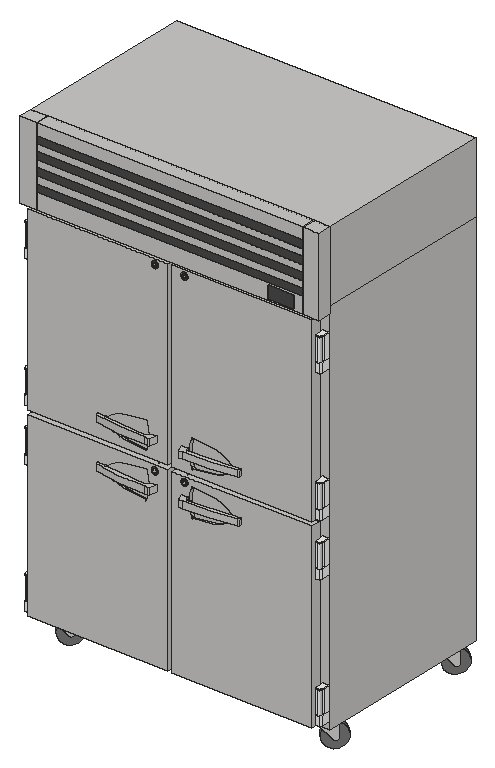
Revit family "QF_Turbo Air_PRO-50-4F", category Specialty Equipment, Revit 2014
Parameters
  Width = 4' - 3 3/4"  # constant formula
  Weight in Pounds = 496
  Watermarked By = ""
  Volts = 115 V
  URL Cutsheet = ""
  URL = "www.turboairinc.com"
  Status [instance] = ""
  Specification by User [instance] = ""
  Specification by Manufacturer [instance] = ""
  Serial Number [instance] = ""
  Revision Code [instance] = ""
  Phase = 1
  Overall Height [instance] = Box Height + CasterLeg Height  # 6' - 11"
  Number of Poles [instance] = 1
  NAFEM Spec ID Number [instance] = ""
  Model = "PRO-50-4F"
  Masterspec [instance] = ""
  Manufacturer = "Turbo Air"  # constant formula
  Door Height = 2' - 7 1/4"  # constant formula
  Description = "Freezer, Reach In"
  Assembly Code = "E1090320"
  6 inch Legs [instance] = no
  Item Number [instance] = "-"
  Installed By [instance] = ""
  HP = "1 1/4"
  Furnished By [instance] = ""
  Foodservice Equipment Identifier = yes
  FL Amps = 10.5 A
  Electrical Remarks [instance] = ""
  Electric Connection Type = ""
  Elec Conn RI Height [instance] = 0' - 0"
  Elec Conn Connection Height = 6' - 4 7/8"
  Cycle = 60 Hz
  Conn Plug = "NEMA 5-15P"
  Casters [instance] = not([6 inch Legs])  # yes
  CasterLeg Height [instance] = if(or([5 inch Casters], [6 inch Legs]), 0' 6", 0' 5")  # 0' - 5"
  CSI MasterFormat = "11 41 13"
  Box Height = 6' - 6"  # constant formula
  Apparent Power = if(Phase = 3, Volts * FL Amps * 1.73, Volts * FL Amps)  # 1207.5 VA
  5 inch Casters [instance] = no
Reference planes (in)
  plane 1 "BACK": y = 0
  plane 2: z = 0
  plane 3 "LEFT": x = -16.56573
  plane 4 "RIGHT": x = 35.18427
  plane 5 "FRONT": y = -33.875
  plane 6 "Box Front": y = -31.5
  plane 7 "Door Clearance": y = -57.75
  plane 8 "TOP": z = 83
  plane 9 "Box Bottom": z = 5
  plane 10 "Bottom Door Bottom": z = 5.875
  plane 11 "Top Door Top": z = 69.125
  plane 12 "Inside Left": x = -14.56573
  plane 13 "Inside Right": x = 33.18427
  plane 14 "Inside Back": y = -2
  plane 15 "Inside Front": y = -29.5
  plane 16 "Inside Top": z = 70.75
  plane 17 "Center LR": x = 9.30927
  plane 18 "Cowl Bottom": z = 69.5
  plane 19 "Left Door Left": x = -15.31573
  plane 20 "Left Door Right": x = 8.93427
  plane 21 "Right Door Left": x = 9.68427
  plane 22 "Right Door Right": x = 33.93427
  plane 23: z = 37.5
  plane 24 "Top Door Bottom": z = 37.875
  plane 25 "Bottom Door Top": z = 37.125
Forms (in)
  Extrusion 1, solid, material "QF_Stainless-Polished"
    sketch origin (0, 0, 5) x (0, 1, 0) y (-1, 0, 0)
      loop
        line (-31.5, 16.56573) -> (-31.5, 13.81573) -> (-29.5, 13.81573) -> (-29.5, 14.56573) -> (-2, 14.56573) -> (-2, -33.18427) -> (-29.5, -33.18427) -> (-29.5, -32.43427) -> (-31.5, -32.43427) -> (-31.5, -35.18427) -> (0, -35.18427) -> (0, 16.56573) -> (-31.5, 16.56573)
    from 0 to 65.75
  Extrusion 2, solid, material "QF_Stainless-Polished"
    sketch origin (-14.56573, 0, 0) x (0, 1, 0) y (0, 0, 1)
      loop
        line (-29.5, 7.75) -> (-29.5, 5) -> (-2, 5) -> (-2, 7.75) -> (-29.5, 7.75)
      loop
        line (-29.5, 70.75) -> (-29.5, 69.375) -> (-2, 69.375) -> (-2, 70.75) -> (-29.5, 70.75)
    from 0 to 47.75
  Extrusion 3, solid, material "QF_Stainless-Polished"
    sketch origin (-14.56573, 0, 0) x (0, 1, 0) y (0, 0, 1)
      loop
        line (-29.5, 5) -> (-29.5, 8.25) -> (-31.5, 8.25) -> (-31.5, 5) -> (-29.5, 5)
      loop
        line (-31.5, 70.75) -> (-31.5, 67) -> (-29.5, 67) -> (-29.5, 70.75) -> (-31.5, 70.75)
    from 0.75 to 47
  Extrusion 4, solid, material "QF_Stainless-Polished"
    sketch origin (0, 0, 83) x (0, 1, 0) y (-1, 0, 0)
      loop
        line (0, 16.56573) -> (-31.5, 16.56573) -> (-31.5, -35.18427) -> (0, -35.18427) -> (0, 16.56573)
    from 0 to -12.25
  Extrusion 5, solid, material "QF_Stainless-Polished"
    sketch origin (-14.56573, 0, 0) x (0, 1, 0) y (0, 0, 1)
      loop
        line (-2, 69.375) -> (-27.25, 69.375) -> (-25, 68.125) -> (-13.25, 68.125) -> (-3.25, 65.625) -> (-2, 65.625) -> (-2, 69.375)
    from 0 to 47.75
  Extrusion 6, solid, material "QF_Stainless-Polished"
    sketch origin (9.30927, 0, 0) x (0, 1, 0) y (0, 0, 1)
      loop
        line (-3.25, 65.625) -> (-3.25, 28.875) -> (-2, 28.875) -> (-2, 65.625) -> (-3.25, 65.625)
    from 0.25 to -0.25
  Extrusion 7, solid, material "QF_Plastic-Black-Fine Textured"
    sketch origin (0, -31.5, 0) x (1, 0, 0) y (0, 0, 1)
      loop
        line (-14.31573, 67.75) -> (-14.31573, 39.25) -> (7.93427, 39.25) -> (7.93427, 67.75) -> (-14.31573, 67.75)
      loop
        line (-14.31573, 7.25) -> (7.93427, 7.25) -> (7.93427, 35.75) -> (-14.31573, 35.75) -> (-14.31573, 7.25)
      loop
        line (32.93427, 7.25) -> (32.93427, 35.75) -> (10.68427, 35.75) -> (10.68427, 7.25) -> (32.93427, 7.25)
      loop
        line (32.93427, 67.75) -> (10.68427, 67.75) -> (10.68427, 39.25) -> (32.93427, 39.25) -> (32.93427, 67.75)
      loop
        line (-14.56573, 7) -> (8.18427, 7) -> (8.18427, 36) -> (-14.56573, 36) -> (-14.56573, 7)
      loop
        line (-14.56573, 68) -> (-14.56573, 39) -> (8.18427, 39) -> (8.18427, 68) -> (-14.56573, 68)
      loop
        line (33.18427, 68) -> (10.43427, 68) -> (10.43427, 39) -> (33.18427, 39) -> (33.18427, 68)
      loop
        line (33.18427, 7) -> (33.18427, 36) -> (10.43427, 36) -> (10.43427, 7) -> (33.18427, 7)
    from 0 to 0.625
  Extrusion 8, solid, material "QF_Stainless-Polished"
    sketch origin (0, -31.5, 0) x (1, 0, 0) y (0, 0, 1)
      loop
        line (-16.56573, 83) -> (-16.56573, 69.5) -> (-13.75323, 69.5) -> (-13.75323, 83) -> (-16.56573, 83)
      loop
        line (35.18427, 83) -> (32.37177, 83) -> (32.37177, 69.5) -> (35.18427, 69.5) -> (35.18427, 83)
    from 0 to 2.375
  Extrusion 9, solid, material "QF_Stainless-Polished"
    sketch origin (0, -31.5, 0) x (1, 0, 0) y (0, 0, 1)
      loop
        line (-13.75323, 83) -> (-13.75323, 81) -> (32.37177, 81) -> (32.37177, 83) -> (-13.75323, 83)
      loop
        line (-13.75323, 69.5) -> (32.37177, 69.5) -> (32.37177, 72.25) -> (-13.75323, 72.25) -> (-13.75323, 69.5)
      loop
        arc (30.87177, 71.75) -> (30.81686, 71.88258) -> (30.68427, 71.9375) r 0.1875
        line (30.68427, 71.9375) -> (26.55927, 71.9375)
        arc (26.55927, 71.9375) -> (26.42669, 71.88258) -> (26.37177, 71.75) r 0.1875
        line (26.37177, 71.75) -> (26.37177, 69.9375)
        arc (26.37177, 69.9375) -> (26.42669, 69.80492) -> (26.55927, 69.75) r 0.1875
        line (26.55927, 69.75) -> (30.68427, 69.75)
        arc (30.68427, 69.75) -> (30.81686, 69.80492) -> (30.87177, 69.9375) r 0.1875
        line (30.87177, 69.9375) -> (30.87177, 71.75)
    from 0 to 2.375
  Extrusion 10, solid, material "QF_Stainless-Polished"
    sketch origin (0, -31.5, 0) x (1, 0, 0) y (0, 0, 1)
      loop
        line (-13.75323, 79.6875) -> (-13.75323, 78.5625) -> (32.37177, 78.5625) -> (32.37177, 79.6875) -> (-13.75323, 79.6875)
      loop
        line (32.37177, 77.1875) -> (-13.75323, 77.1875) -> (-13.75323, 76.0625) -> (32.37177, 76.0625) -> (32.37177, 77.1875)
      loop
        line (32.37177, 74.6875) -> (-13.75323, 74.6875) -> (-13.75323, 73.5625) -> (32.37177, 73.5625) -> (32.37177, 74.6875)
    from 0 to 2.375
  Extrusion 11, solid, material "QF_Plastic-Black-Fine Textured"
    sketch origin (0, -31.5, 0) x (1, 0, 0) y (0, 0, 1)
      loop
        line (-13.75323, 81) -> (-13.75323, 79.6875) -> (32.37177, 79.6875) -> (32.37177, 81) -> (-13.75323, 81)
      loop
        line (-13.75323, 78.5625) -> (-13.75323, 77.1875) -> (32.37177, 77.1875) -> (32.37177, 78.5625) -> (-13.75323, 78.5625)
      loop
        line (-13.75323, 76.0625) -> (-13.75323, 74.6875) -> (32.37177, 74.6875) -> (32.37177, 76.0625) -> (-13.75323, 76.0625)
      loop
        line (-13.75323, 73.5625) -> (-13.75323, 72.25) -> (32.37177, 72.25) -> (32.37177, 73.5625) -> (-13.75323, 73.5625)
    from 0 to 2.375
  Extrusion 12, solid, material "QF_Plastic-Black-Fine Textured"
    sketch origin (0, -31.5, 0) x (1, 0, 0) y (0, 0, 1)
      loop
        arc (26.55927, 71.9375) -> (26.42669, 71.88258) -> (26.37177, 71.75) r 0.1875
        line (26.37177, 71.75) -> (26.37177, 69.9375)
        arc (26.37177, 69.9375) -> (26.42669, 69.80492) -> (26.55927, 69.75) r 0.1875
        line (26.55927, 69.75) -> (30.68427, 69.75)
        arc (30.68427, 69.75) -> (30.81686, 69.80492) -> (30.87177, 69.9375) r 0.1875
        line (30.87177, 69.9375) -> (30.87177, 71.75)
        arc (30.87177, 71.75) -> (30.81686, 71.88258) -> (30.68427, 71.9375) r 0.1875
        line (30.68427, 71.9375) -> (26.55927, 71.9375)
    from 0 to 2.375
  Extrusion 13, solid, material "QF_Clearance", detail levels coarse+medium
    sketch origin (0, 0, 5.875) x (0, 1, 0) y (-1, 0, 0)
      loop
        line (-33.875, 16.56573) -> (-57.75, 16.56573)
        arc (-57.75, 16.56573) -> (-51.23446, -1.26072) -> (-33.875, -8.93427) r 24.25
        line (-33.875, -8.93427) -> (-33.875, 16.56573)
    from 0 to 63.25
  Extrusion 14, solid, material "QF_Clearance", detail levels coarse+medium
    sketch origin (26.25, 0, 5.875) x (0, 1, 0) y (-1, 0, 0)
      loop
        arc (-33.875, 16.56573) -> (-51.23446, 8.89217) -> (-57.75, -8.93427) r 24.25
        line (-57.75, -8.93427) -> (-33.875, -8.93427) -> (-33.875, 16.56573)
    from 0 to 63.25
  Extrusion 15, solid, material "QF_Stainless-Polished"
    sketch origin (0, -31.5, 0) x (1, 0, 0) y (0, 0, 1)
      loop
        line (11.24677, 67) -> (7.37177, 67) -> (7.37177, 39.46875) -> (-13.81573, 39.46875) -> (-13.81573, 35.53125) -> (7.37177, 35.53125) -> (7.37177, 8.25) -> (11.24677, 8.25) -> (11.24677, 35.53125) -> (32.43427, 35.53125) -> (32.43427, 39.46875) -> (11.24677, 39.46875) -> (11.24677, 67)
    from 0 to -2
Lines and regions (in)
  symbolic lines
    curve 1: line (-16.56573, 0, 83) -> (35.18427, 0, 83)
    curve 2: line (-16.56573, -33.875, 83) -> (-16.56573, 0, 83)
    curve 3: line (35.18427, -33.875, 83) -> (-16.56573, -33.875, 83)
    curve 4: line (35.18427, 0, 83) -> (35.18427, -33.875, 83)
  symbolic lines, style "QF_Clearances_Door_Drawer"
    curve 5: line (-16.56573, -33.875, 5.875) -> (-16.56573, -57.75, 5.875)
    curve 6: arc (-16.56573, -57.75, 5.875) -> (1.26072, -51.23446, 5.875) -> (8.93427, -33.875, 5.875) r 24.25
    curve 7: arc (9.68427, -33.875, 5.875) -> (17.35783, -51.23446, 5.875) -> (35.18427, -57.75, 5.875) r 24.25
    curve 8: line (35.18427, -57.75, 5.875) -> (35.18427, -33.875, 5.875)
Dimensions and locks (in)
  "Width": plane 4 "RIGHT" to plane 3 "LEFT"
  plane 5 "FRONT" to plane 6 "Box Front" = 0' - 2 3/8"
  locked: plane 7 "Door Clearance" to plane 5 "FRONT" at 23.875
  "CasterLeg Height": plane 9 "Box Bottom" to level
  locked: plane 10 "Bottom Door Bottom" to plane 9 "Box Bottom" at 0.875
  "Box Height": plane 8 "TOP" to plane 9 "Box Bottom"
  locked: plane 8 "TOP" to plane 11 "Top Door Top" at 13.875
  locked: plane 3 "LEFT" to plane 12 "Inside Left" at 2
  locked: plane 13 "Inside Right" to plane 4 "RIGHT" at 2
  locked: plane 14 "Inside Back" to plane 1 "BACK" at 2
  plane 6 "Box Front" to plane 15 "Inside Front" = 0' - 2"
  locked: plane 12 "Inside Left" to Extrusion 1 sketch curve at 0.75
  locked: Extrusion 1 sketch curve to plane 13 "Inside Right" at 0.75
  locked: plane 8 "TOP" to plane 16 "Inside Top" at 12.25
  locked: plane 9 "Box Bottom" to Extrusion 2 sketch curve at 2.75
  locked: Extrusion 3 sketch curve to plane 9 "Box Bottom" at 3.25
  locked: plane 16 "Inside Top" to Extrusion 2 sketch curve at 1.375
  locked: Extrusion 3 sketch curve to plane 16 "Inside Top" at 3.75
  locked: plane 16 "Inside Top" to Extrusion 5 sketch curve at 1.375
  locked: Extrusion 5 sketch curve to Extrusion 5 sketch curve at 1.25
  locked: Extrusion 5 sketch curve to Extrusion 5 sketch curve at 11.75
  locked: Extrusion 5 sketch curve to plane 14 "Inside Back" at 25.25
  locked: Extrusion 5 sketch curve to plane 14 "Inside Back" at 1.25
  locked: Extrusion 5 sketch curve to plane 14 "Inside Back" at 11.25
  locked: Extrusion 5 sketch curve to Extrusion 5 sketch curve at 3.75
  equal spacing: plane 3 "LEFT", plane 17 "Center LR", plane 4 "RIGHT"
  locked: plane 16 "Inside Top" to Extrusion 6 sketch curve at 5.125
  locked: Extrusion 6 sketch curve to Extrusion 6 sketch curve at 36.75
  locked: Extrusion 6 sketch curve to plane 14 "Inside Back" at 1.25
  locked: Extrusion 7 sketch curve to Extrusion 7 sketch curve at 0.25  (x16)
  locked: Extrusion 7 sketch curve to plane 3 "LEFT" at 2
  locked: Extrusion 7 sketch curve to plane 4 "RIGHT" at 2
  locked: plane 11 "Top Door Top" to Extrusion 7 sketch curve at 1.125  (x2)
  locked: Extrusion 7 sketch curve to plane 10 "Bottom Door Bottom" at 1.125  (x2)
  locked: plane 18 "Cowl Bottom" to plane 11 "Top Door Top" at 0.375
  locked: plane 3 "LEFT" to nested 1 at 3
  locked: nested 1 to plane 1 "BACK" at 2.5
  locked: plane 3 "LEFT" to nested 2 at 3
  locked: plane 6 "Box Front" to nested 2 at 2.8125
  locked: nested 3 to plane 4 "RIGHT" at 3
  locked: nested 3 to plane 1 "BACK" at 2.5
  locked: nested 4 to plane 4 "RIGHT" at 3
  locked: plane 6 "Box Front" to nested 4 at 2.8125
  locked: plane 3 "LEFT" to Extrusion 8 sketch curve at 2.8125
  locked: Extrusion 8 sketch curve to plane 4 "RIGHT" at 2.8125
  locked: Extrusion 9 sketch curve to plane 3 "LEFT" at 2.8125  (x2)
  locked: plane 8 "TOP" to Extrusion 9 sketch curve at 2
  locked: Extrusion 9 sketch curve to plane 4 "RIGHT" at 2.8125  (x2)
  locked: Extrusion 9 sketch curve to plane 18 "Cowl Bottom" at 2.75
  locked: Extrusion 9 sketch curve to Extrusion 9 sketch curve at 4.5
  locked: Extrusion 9 sketch curve to plane 4 "RIGHT" at 4.3125
  locked: Extrusion 9 sketch curve to Extrusion 9 sketch curve at 2.1875
  locked: Extrusion 9 sketch curve to Extrusion 9 sketch curve at 0.3125
  locked: Extrusion 10 sketch curve to plane 3 "LEFT" at 2.8125  (x3)
  locked: Extrusion 10 sketch curve to plane 4 "RIGHT" at 2.8125  (x3)
  locked: plane 8 "TOP" to Extrusion 10 sketch curve at 3.3125
  locked: Extrusion 10 sketch curve to Extrusion 10 sketch curve at 1.125  (x3)
  locked: Extrusion 10 sketch curve to Extrusion 10 sketch curve at 1.375  (x2)
  locked: plane 3 "LEFT" to plane 19 "Left Door Left" at 1.25
  locked: plane 19 "Left Door Left" to plane 20 "Left Door Right" at 24.25
  locked: plane 22 "Right Door Right" to plane 4 "RIGHT" at 1.25
  locked: plane 21 "Right Door Left" to plane 22 "Right Door Right" at 24.25
  locked: plane 16 "Inside Top" to Extrusion 15 sketch curve at 3.75
  Extrusion 15 sketch curve to plane 17 "Center LR" to Extrusion 15 sketch curve = 0' - 1 15/16" locked, 0' - 1 15/16" locked
  locked: Extrusion 15 sketch curve to plane 9 "Box Bottom" at 3.25
  locked: Extrusion 7 sketch curve to plane 20 "Left Door Right" at 0.75  (x2)
  locked: Extrusion 7 sketch curve to plane 21 "Right Door Left" at 0.75  (x2)
  equal spacing: plane 11 "Top Door Top", plane 23, plane 10 "Bottom Door Bottom"
  plane 24 "Top Door Bottom" to plane 23 to plane 25 "Bottom Door Top" = 0' - 0 3/8" locked, 0' - 0 3/8" locked
  locked: Extrusion 15 sketch curve to plane 17 "Center LR" at 1.9375  (x2)
  Extrusion 15 sketch curve to plane 23 to Extrusion 15 sketch curve = 0' - 1 31/32" locked, 0' - 1 31/32" locked  (x2)
  locked: plane 12 "Inside Left" to Extrusion 15 sketch curve at 0.75
  locked: Extrusion 15 sketch curve to plane 13 "Inside Right" at 0.75
  locked: Extrusion 7 sketch curve to plane 24 "Top Door Bottom" at 1.125
  locked: plane 25 "Bottom Door Top" to Extrusion 7 sketch curve at 1.125
  locked: Extrusion 7 sketch curve to plane 19 "Left Door Left" at 0.75
  locked: Extrusion 7 sketch curve to plane 22 "Right Door Right" at 0.75
  locked: plane 6 "Box Front" to plane 1 "BACK" at 31.5
  aligned and locked: level to plane 2
  aligned and locked: Extrusion 1 sketch curve to plane 3 "LEFT"
  aligned and locked: plane 12 "Inside Left" to Extrusion 1 sketch curve
  aligned and locked: Extrusion 1 sketch curve to plane 13 "Inside Right"
  aligned and locked: plane 4 "RIGHT" to Extrusion 1 sketch curve
  aligned and locked: plane 14 "Inside Back" to Extrusion 1 sketch curve
  aligned and locked: Extrusion 1 sketch curve to plane 1 "BACK"
  aligned and locked: Extrusion 1 sketch curve to plane 15 "Inside Front"  (x2)
  aligned and locked: plane 6 "Box Front" to Extrusion 1 sketch curve  (x2)
  aligned and locked: plane 16 "Inside Top" to Extrusion 1
  aligned and locked: plane 9 "Box Bottom" to Extrusion 2 sketch curve
  aligned and locked: plane 15 "Inside Front" to Extrusion 2 sketch curve
  aligned and locked: plane 14 "Inside Back" to Extrusion 2 sketch curve  (x2)
  aligned and locked: plane 13 "Inside Right" to Extrusion 2
  aligned and locked: plane 6 "Box Front" to Extrusion 3 sketch curve  (x2)
  aligned and locked: Extrusion 3 sketch curve to plane 9 "Box Bottom"
  aligned and locked: Extrusion 3 sketch curve to plane 15 "Inside Front"  (x2)
  aligned and locked: Extrusion 3 to Extrusion 1  (x2)
  aligned and locked: Extrusion 2 sketch curve to plane 16 "Inside Top"
  aligned and locked: Extrusion 2 sketch curve to plane 15 "Inside Front"
  aligned and locked: plane 16 "Inside Top" to Extrusion 3 sketch curve
  aligned and locked: plane 1 "BACK" to Extrusion 4 sketch curve
  aligned and locked: plane 3 "LEFT" to Extrusion 4 sketch curve
  aligned and locked: Extrusion 4 sketch curve to plane 6 "Box Front"
  aligned and locked: Extrusion 4 sketch curve to plane 4 "RIGHT"
  aligned and locked: Extrusion 4 to plane 16 "Inside Top"
  aligned and locked: plane 14 "Inside Back" to Extrusion 5 sketch curve
  aligned and locked: plane 13 "Inside Right" to Extrusion 5
  aligned and locked: Extrusion 6 sketch curve to plane 14 "Inside Back"
  aligned and locked: plane 5 "FRONT" to Extrusion 8
  aligned and locked: plane 3 "LEFT" to curve 2
  aligned and locked: curve 3 to plane 5 "FRONT"
  aligned and locked: curve 4 to plane 4 "RIGHT"
  aligned and locked: plane 1 "BACK" to curve 1
  aligned and locked: plane 18 "Cowl Bottom" to Extrusion 8 sketch curve
  aligned and locked: plane 3 "LEFT" to Extrusion 8 sketch curve
  aligned and locked: Extrusion 8 sketch curve to plane 8 "TOP"
  aligned and locked: plane 8 "TOP" to Extrusion 8 sketch curve
  aligned and locked: plane 4 "RIGHT" to Extrusion 8 sketch curve
  aligned and locked: Extrusion 8 sketch curve to plane 18 "Cowl Bottom"
  aligned and locked: Extrusion 9 sketch curve to plane 8 "TOP"
  aligned and locked: plane 18 "Cowl Bottom" to Extrusion 9 sketch curve
  aligned and locked: plane 5 "FRONT" to Extrusion 9
  aligned and locked: plane 5 "FRONT" to Extrusion 10
  aligned and locked: Extrusion 11 sketch curve to Extrusion 9  (x4)
  aligned and locked: Extrusion 11 sketch curve to Extrusion 10  (x12)
  aligned and locked: plane 5 "FRONT" to Extrusion 11
  aligned and locked: Extrusion 12 sketch curve to Extrusion 9  (x4)
  aligned and locked: plane 5 "FRONT" to Extrusion 12
  aligned and locked: plane 10 "Bottom Door Bottom" to nested 5
  aligned and locked: plane 3 "LEFT" to nested 5
  aligned and locked: plane 20 "Left Door Right" to nested 5
  aligned and locked: plane 11 "Top Door Top" to Extrusion 13
  aligned and locked: nested 6 to plane 10 "Bottom Door Bottom"
  aligned and locked: plane 4 "RIGHT" to nested 6
  aligned and locked: plane 21 "Right Door Left" to nested 6
  aligned and locked: plane 11 "Top Door Top" to Extrusion 14
  aligned and locked: plane 24 "Top Door Bottom" to nested 7
  aligned and locked: nested 8 to plane 24 "Top Door Bottom"
Automatic sketch dimensions
  Extrusion 9 sketch curve to Extrusion 9 sketch curve = 0' - 0 3/16"  (x4)
  Extrusion 7 sketch curve to plane 25 "Bottom Door Top" = 0' - 1 3/8"
  plane 24 "Top Door Bottom" to Extrusion 7 sketch curve = 0' - 1 1/8"
  curve 5 to plane 3 "LEFT" = 0' - 0"
  plane 7 "Door Clearance" to curve 5 = 0' - 0"
  curve 8 to plane 4 "RIGHT" = 0' - 0"
  plane 7 "Door Clearance" to curve 8 = 0' - 0"
  plane 5 "FRONT" to curve 8 = 0' - 0"
  plane 5 "FRONT" to curve 7 = 0' - 0"
  plane 5 "FRONT" to curve 6 = 0' - 0"
  plane 5 "FRONT" to curve 5 = 0' - 0"
  curve 7 to plane 21 "Right Door Left" = 0' - 0"
  curve 6 to plane 20 "Left Door Right" = 0' - 0"
  curve 7 to plane 22 "Right Door Right" = 0' - 0.00242"
  plane 19 "Left Door Left" to curve 6 = 0' - 0.00242"
  Extrusion 13 sketch curve to plane 3 "LEFT" = 0' - 0"
  plane 7 "Door Clearance" to Extrusion 13 sketch curve = 0' - 0"
  plane 5 "FRONT" to Extrusion 13 sketch curve = 0' - 0"
  Extrusion 13 sketch curve to plane 20 "Left Door Right" = 0' - 0"
  plane 19 "Left Door Left" to Extrusion 13 sketch curve = 0' - 0.00242"
  Extrusion 14 sketch curve to plane 4 "RIGHT" = 0' - 0"
  plane 7 "Door Clearance" to Extrusion 14 sketch curve = 0' - 0"
  plane 5 "FRONT" to Extrusion 14 sketch curve = 0' - 0"
  Extrusion 14 sketch curve to plane 21 "Right Door Left" = 0' - 0"
  Extrusion 14 sketch curve to plane 22 "Right Door Right" = 0' - 0.00242"
Nested families (in)
  nested 1: "FESCasterLeg" at (-13.56573, -2.5, 0), Casters <- "Casters", Legs <- "6 inch Legs", Height <- "CasterLeg Height", type "FESCasterLeg"
    with Legs no, Height 0' - 5", Casters yes, Caster Radius 0' - 2"
  nested 2: "FESCasterLeg" at (-13.56573, -28.6875, 0), Casters <- "Casters", Legs <- "6 inch Legs", Height <- "CasterLeg Height", type "FESCasterLeg"
    with Legs no, Height 0' - 5", Casters yes, Caster Radius 0' - 2"
  nested 3: "FESCasterLeg" at (32.18427, -2.5, 0), Casters <- "Casters", Legs <- "6 inch Legs", Height <- "CasterLeg Height", type "FESCasterLeg"
    with Legs no, Height 0' - 5", Casters yes, Caster Radius 0' - 2"
  nested 4: "FESCasterLeg" at (32.18427, -28.6875, 0), Casters <- "Casters", Legs <- "6 inch Legs", Height <- "CasterLeg Height", type "FESCasterLeg"
    with Legs no, Height 0' - 5", Casters yes, Caster Radius 0' - 2"
  nested 5: "QF_Turbo Air_RI-Solid Door" at (-7.63145, -32.125, 5.875) x (-1, 0, 0) z (0, 0, 1), Height <- "Door Height", type "QF_Turbo Air_RI-Solid Door"
    with Width 2' - 0 1/4", Symbolic Lines Handle yes, Symbolic Lines no, Height 2' - 7 1/4", Handle From Top 0' - 3 9/16", Center Hinge no
  nested 6: "QF_Turbo Air_RI-Solid Door" at (26.25, -32.125, 5.875), Height <- "Door Height", type "QF_Turbo Air_RI-Solid Door"
    with Width 2' - 0 1/4", Symbolic Lines Handle yes, Symbolic Lines no, Height 2' - 7 1/4", Handle From Top 0' - 3 9/16", Center Hinge no
  nested 7: "QF_Turbo Air_RI-Solid Door" at (-7.63145, -32.125, 37.875) x (-1, 0, 0) z (0, 0, 1), Height <- "Door Height", type "QF_Turbo Air_RI-Solid Door"
    with Width 2' - 0 1/4", Symbolic Lines Handle yes, Symbolic Lines no, Height 2' - 7 1/4", Handle From Top 2' - 3 15/16", Center Hinge no
  nested 8: "QF_Turbo Air_RI-Solid Door" at (26.25, -32.125, 37.875), Height <- "Door Height", type "QF_Turbo Air_RI-Solid Door"
    with Width 2' - 0 1/4", Symbolic Lines Handle yes, Symbolic Lines no, Height 2' - 7 1/4", Handle From Top 2' - 3 15/16", Center Hinge no
Connectors (in)
  electrical at (9.30927, 0, 76.875)
    settings: on Extrusion 4, index 1, voltage 0 V, apparent load 0 VA, apparent load phase1 0 VA, apparent load phase2 0 VA, apparent load phase3 0 VA, power factor 1, load classification "Other", number of poles 1, system type 31, power factor state 1, is connector primary yes, connector utility no, sub classification motor no, connector description ""
Definition of nested family "FESCasterLeg"
  Parameters
    Watermarked By = "http://revitwatermark.com"
    Type Comments = ""
    Legs [instance] = yes
    Height [instance] = 0' - 6"
    Caster Radius [instance] = if(Height < 0' 3", 0' 1", (Height / 2) - 0' 0 1/2")  # 0' - 2 1/2"
    Casters [instance] = yes
    Assembly Code = ""
  Reference planes (in)
    plane 1 "Center (Front/Back)": y = 0
    plane 2: z = 0
    plane 3 "Center (Left/Right)": x = 0
    plane 4: z = 6
    plane 5: z = 5.5
  Forms (in)
    Extrusion 1, solid, material "QF_Stainless-Polished", visible <- "Casters"
      sketch origin (-24.12131, -22.88887, 10.18833) x (0.707107, 0.707107, 0) y (0, 0, 1)
        loop
          line (34.98772, -7.68833) -> (34.98772, -4.93833) -> (34.48772, -4.93833) -> (34.39402, -4.68833) -> (32.39402, -4.68833) -> (32.39402, -5.43833) -> (33.98772, -7.34206) -> (33.98772, -7.68833)
          arc (33.98772, -7.68833) -> (34.48772, -8.18833) -> (34.98772, -7.68833) r 0.5
      from 0 to 1.75
    Extrusion 2, solid, material "QF_Rubber-Black", visible <- "Casters"
      sketch origin (-24.32327, -23.09083, 13.31461) x (0.707107, 0.707107, 0) y (0, 0, 1)
        loop
          circle (34.77334, -10.81461) r 2.5
      from 0.375 to 1.375
    Extrusion 3, solid, material "QF_Stainless-Polished", visible <- "Casters"
      sketch origin (-7.24148, -8.48391, 0) x (0.707107, 0.707107, 0) y (0, 0, 1)
        loop
          line (10.61603, 5.5) -> (11.61603, 5.5) -> (11.61603, 6) -> (10.61603, 6) -> (10.61603, 5.5)
      from 0 to -1.75
    Blend 4, solid, material "QF_Stainless-Polished", visible <- "Legs"
      base sketch origin (0, 0, 0) x (1, 0, 0) y (0, 1, 0)
        loop
          circle (0, 0) r 0.5
      top sketch origin (0, 0, 0) x (1, 0, 0) y (0, 1, 0)
        loop
          circle (0, 0) r 1
      from 0 to 6 <- "Height"
  Lines and regions (in)
    symbolic lines, style "QF_Details_Undercounter", visible <- "Casters", built-in parameter 1006206 <- "Casters"
      curve 1: line (-1.26158, -0.51911, 0) -> (1.39007, 2.13254, 0)
      curve 2: line (-0.53429, -1.24639, 0) -> (2.11736, 1.40526, 0)
    symbolic lines, style "QF_Details_Undercounter", built-in parameter 1006206 <- "Casters", visible <- "Casters"
      curve 3: line (-1.26158, -0.51911, 0) -> (1.39007, 2.13254, 0)
      curve 4: line (-0.53429, -1.24639, 0) -> (2.11736, 1.40526, 0)
  Dimensions and locks (in)
    locked: plane 4 to plane 5 at 0.5
    "Height": plane 4 to level
    "Caster Radius": Extrusion 2 sketch curve to level
    "Caster Radius": Extrusion 1 sketch curve to level
    "Caster Radius": radius of Extrusion 2 sketch curve
    aligned and locked: plane 2 to level
    aligned: Blend 4 to Extrusion 3
    aligned and locked: plane 4 to Blend 4
    aligned and locked: Extrusion 3 to plane 5
    aligned and locked: plane 4 to Extrusion 3
    aligned and locked: plane 5 to Extrusion 1
  Automatic sketch dimensions
    plane 1 "Center (Front/Back)" to curve 3 = 0' - 0.51911"
    curve 3 to plane 3 "Center (Left/Right)" = 0' - 1.26158"
    plane 1 "Center (Front/Back)" to curve 1 = 0' - 0.51911"
    curve 1 to curve 3 = 0' - 0"  (x3)
    curve 4 to plane 3 "Center (Left/Right)" = 0' - 0.53429"
    curve 2 to curve 4 = 0' - 0"  (x2)
    plane 3 "Center (Left/Right)" to curve 3 = 0' - 1.39007"
    curve 1 to curve 4 = 0' - 0.72729"
    curve 2 to curve 1 = 0' - 0.72729"
    curve 4 to curve 2 = 0' - 0"  (x2)
    curve 2 to plane 1 "Center (Front/Back)" = 0' - 1.40526"
    curve 2 to curve 3 = 0' - 0.72729"
    Extrusion 3 sketch curve to plane 5 = 0' - 0"
    plane 4 to Extrusion 3 sketch curve = 0' - 0"
    Extrusion 3 sketch curve to Extrusion 3 sketch curve = 0' - 1"
    plane 1 "Center (Front/Back)" to Blend 4 sketch curve = 0' - 0"  (x2)
    Blend 4 sketch curve to plane 3 "Center (Left/Right)" = 0' - 0"  (x2)
    Extrusion 1 sketch curve to plane 5 = 0' - 0"
    Extrusion 1 sketch curve to plane 5 = 0' - 2.65373"
    Extrusion 1 sketch curve to Extrusion 1 sketch curve = 0' - 1.5937"
    Extrusion 1 sketch curve to Extrusion 1 sketch curve = 0' - 2"
    Extrusion 1 sketch curve to Extrusion 1 sketch curve = 0' - 0.0937"
    Extrusion 1 sketch curve to Extrusion 1 sketch curve = 0' - 0 1/2"
    Extrusion 1 sketch curve to plane 5 = 0' - 0 3/4"
    Extrusion 1 sketch curve to plane 5 = 0' - 0 1/4"
    radius of Blend 4 sketch curve = 0' - 0 1/2"
    radius of Blend 4 sketch curve = 0' - 1"
Definition of nested family "QF_Turbo Air_RI-Solid Door"
  Parameters (values of type "QF_Turbo Air_RI-Solid Door")
    Width [instance] = 2' - 2 1/4"
    Watermarked By = ""
    Symbolic Lines Handle [instance] = yes
    Symbolic Lines [instance] = yes
    Height [instance] = 5' - 3 1/4"
    Handle From Top [instance] = 2' - 1 7/8"
    Center Hinge [instance] = yes
  Reference planes (in)
    plane 1 "Door Back": y = 0
    plane 2: z = 0
    plane 3 "LEFT": x = -16.56573
    plane 4 "Door Front": y = -1.75
    plane 5 "Handle Front": y = -3.0625
    plane 6 "Door Right": x = 9.68427
    plane 7 "TOP": z = 63.25
    plane 8 "Handle Elevation": z = 37.375
    plane 9 "Hinge Right": x = 10.93427
    plane 10 "Top Hinge Top": z = 60.75
    plane 11 "Top Hinge Bottom": z = 55
    plane 12: z = 56.625
    plane 13 "Center TB": z = 31.625
    plane 14 "Center Hinge Top": z = 35.0625
    plane 15 "Center Hinge Bottom": z = 29.3125
    plane 16: z = 30.9375
    plane 17 "Bottom Hinge Top": z = 6
    plane 18 "Bottom Hinge Bottom": z = 0.25
    plane 19: z = 1.875
    plane 20 "Hinges Front": y = -1.1875
    plane 21 "Hinges Back": y = 0.625
  Forms (in)
    Extrusion 1, solid, material "QF_Stainless-Polished"
      sketch origin (0, 0, 0) x (1, 0, 0) y (0, 0, 1)
        loop
          line (-16.56573, 63.25) -> (-16.56573, 0) -> (9.68427, 0) -> (9.68427, 63.25) -> (-16.56573, 63.25)
        loop
          arc (-13.15519, 39.61272) -> (-13.41636, 38.50742) -> (-13.50323, 37.375) r 7.3125
          arc (-13.50323, 37.375) -> (-13.41636, 36.24258) -> (-13.15519, 35.13728) r 7.3125
          arc (-13.15519, 35.13728) -> (-13.01711, 34.94724) -> (-12.79306, 34.87662) r 0.375
          arc (-12.79306, 34.87662) -> (-11.04564, 34.98179) -> (-9.31573, 35.25) r 18.6875
          arc (-9.31573, 35.25) -> (-7.55515, 35.84984) -> (-6.00323, 36.875) r 7.30243
          arc (-6.00323, 36.875) -> (-5.85876, 37.375) -> (-6.00323, 37.875) r 0.9375
          arc (-6.00323, 37.875) -> (-7.55515, 38.90016) -> (-9.31573, 39.5) r 7.30243
          arc (-9.31573, 39.5) -> (-11.04564, 39.76821) -> (-12.79306, 39.87338) r 18.6875
          arc (-12.79306, 39.87338) -> (-13.01711, 39.80276) -> (-13.15519, 39.61272) r 0.375
      from 0 to 1.75
    Extrusion 2, solid, material "QF_Stainless-Polished"
      sketch origin (0, 0, 0) x (1, 0, 0) y (0, 0, 1)
        loop
          arc (-13.15519, 39.61272) -> (-13.41636, 38.50742) -> (-13.50323, 37.375) r 7.3125
          arc (-13.50323, 37.375) -> (-13.41636, 36.24258) -> (-13.15519, 35.13728) r 7.3125
          arc (-13.15519, 35.13728) -> (-13.01711, 34.94724) -> (-12.79306, 34.87662) r 0.375
          arc (-12.79306, 34.87662) -> (-11.04564, 34.98179) -> (-9.31573, 35.25) r 18.6875
          arc (-9.31573, 35.25) -> (-7.55515, 35.84984) -> (-6.00323, 36.875) r 7.30243
          arc (-6.00323, 36.875) -> (-5.85876, 37.375) -> (-6.00323, 37.875) r 0.9375
          arc (-6.00323, 37.875) -> (-7.55515, 38.90016) -> (-9.31573, 39.5) r 7.30243
          arc (-9.31573, 39.5) -> (-11.04564, 39.76821) -> (-12.79306, 39.87338) r 18.6875
          arc (-12.79306, 39.87338) -> (-13.01711, 39.80276) -> (-13.15519, 39.61272) r 0.375
      from 0 to 1.25
    Extrusion 3, solid, material "QF_Stainless-Polished"
      sketch origin (0, 0, 37.375) x (0, 1, 0) y (-1, 0, 0)
        loop
          line (-1.75, 14.806) -> (-2.93294, 14.42164)
          arc (-2.93294, 14.42164) -> (-3.02669, 14.35352) -> (-3.0625, 14.24331) r 0.1875
          line (-3.0625, 14.24331) -> (-3.0625, 13.62954)
          arc (-3.0625, 13.62954) -> (-2.88483, 9.14446) -> (-2.21868, 4.70557) r 41.0625
          arc (-2.21868, 4.70557) -> (-2.15347, 4.59812) -> (-2.03505, 4.55599) r 0.1875
          line (-2.03505, 4.55599) -> (-1.75, 4.55599) -> (-1.75, 5.93099) -> (-1.83987, 5.93099)
          arc (-1.83987, 5.93099) -> (-1.96178, 5.97604) -> (-2.02512, 6.08952) r 0.1875
          arc (-2.02512, 6.08952) -> (-2.42253, 9.66014) -> (-2.50243, 13.25191) r 40.5625
          arc (-2.50243, 13.25191) -> (-2.47714, 13.3419) -> (-2.41155, 13.4085) r 0.1875
          line (-2.41155, 13.4085) -> (-1.75, 13.806) -> (-1.75, 14.806)
      from -0.5625 to 0.5625
    Extrusion 4, solid, material "QF_Steel-Chrome Plated"
      sketch origin (0, 0, 0.25) x (0, 1, 0) y (-1, 0, 0)
        loop
          line (0.625, -10.81225) -> (0.625, -9.7438) -> (-0.75, -9.80927) -> (-1.1875, -9.9342) -> (-1.1875, -10.62185) -> (-0.75, -10.74677) -> (0.625, -10.81225)
      from 0 to 1.625
    Extrusion 5, solid, material "QF_Steel-Chrome Plated"
      sketch origin (0, 0, 6) x (0, 1, 0) y (-1, 0, 0)
        loop
          line (-0.5625, -9.68427) -> (-1.1875, -9.68427) -> (-1.1875, -10.27802)
          arc (-1.1875, -10.27802) -> (-0.875, -10.59052) -> (-0.5625, -10.27802) r 0.3125
          line (-0.5625, -10.27802) -> (-0.5625, -9.68427)
      from -0.125 to -4.125
    Extrusion 6, solid, material "QF_Steel-Chrome Plated"
      sketch origin (0, 0, 6) x (0, 1, 0) y (-1, 0, 0)
        loop
          line (0.625, -9.7438) -> (-0.25, -9.78547) -> (-0.25, -10.77058) -> (0.625, -10.81225) -> (0.625, -9.7438)
      from -0.125 to -4.125
    Extrusion 7, solid, material "QF_Steel-Chrome Plated"
      sketch origin (0, 0, 6) x (0, 1, 0) y (-1, 0, 0)
        loop
          line (0.625, -10.81225) -> (0.625, -9.7438) -> (-0.75, -9.80927) -> (-1.1875, -9.9342) -> (-1.1875, -10.62185) -> (-0.75, -10.74677) -> (0.625, -10.81225)
      from 0 to -0.125
    Extrusion 8, solid, material "QF_Steel-Chrome Plated", visible <- "Center Hinge"
      sketch origin (0, 0, 29.3125) x (0, 1, 0) y (-1, 0, 0)
        loop
          line (0.625, -10.81225) -> (0.625, -9.7438) -> (-0.75, -9.80927) -> (-1.1875, -9.9342) -> (-1.1875, -10.62185) -> (-0.75, -10.74677) -> (0.625, -10.81225)
      from 0 to 1.625
    Extrusion 9, solid, material "QF_Steel-Chrome Plated", visible <- "Center Hinge"
      sketch origin (0, 0, 35.0625) x (0, 1, 0) y (-1, 0, 0)
        loop
          line (-0.5625, -9.68427) -> (-1.1875, -9.68427) -> (-1.1875, -10.27802)
          arc (-1.1875, -10.27802) -> (-0.875, -10.59052) -> (-0.5625, -10.27802) r 0.3125
          line (-0.5625, -10.27802) -> (-0.5625, -9.68427)
      from -0.125 to -4.125
    Extrusion 10, solid, material "QF_Steel-Chrome Plated", visible <- "Center Hinge"
      sketch origin (0, 0, 35.0625) x (0, 1, 0) y (-1, 0, 0)
        loop
          line (0.625, -9.7438) -> (-0.25, -9.78547) -> (-0.25, -10.77058) -> (0.625, -10.81225) -> (0.625, -9.7438)
      from -0.125 to -4.125
    Extrusion 11, solid, material "QF_Steel-Chrome Plated", visible <- "Center Hinge"
      sketch origin (0, 0, 35.0625) x (0, 1, 0) y (-1, 0, 0)
        loop
          line (0.625, -10.81225) -> (0.625, -9.7438) -> (-0.75, -9.80927) -> (-1.1875, -9.9342) -> (-1.1875, -10.62185) -> (-0.75, -10.74677) -> (0.625, -10.81225)
      from 0 to -0.125
    Extrusion 12, solid, material "QF_Steel-Chrome Plated"
      sketch origin (0, 0, 55) x (0, 1, 0) y (-1, 0, 0)
        loop
          line (0.625, -10.81225) -> (0.625, -9.7438) -> (-0.75, -9.80927) -> (-1.1875, -9.9342) -> (-1.1875, -10.62185) -> (-0.75, -10.74677) -> (0.625, -10.81225)
      from 0 to 1.625
    Extrusion 13, solid, material "QF_Steel-Chrome Plated"
      sketch origin (0, 0, 60.75) x (0, 1, 0) y (-1, 0, 0)
        loop
          line (-0.5625, -9.68427) -> (-1.1875, -9.68427) -> (-1.1875, -10.27802)
          arc (-1.1875, -10.27802) -> (-0.875, -10.59052) -> (-0.5625, -10.27802) r 0.3125
          line (-0.5625, -10.27802) -> (-0.5625, -9.68427)
      from -0.125 to -4.125
    Extrusion 14, solid, material "QF_Steel-Chrome Plated"
      sketch origin (0, 0, 60.75) x (0, 1, 0) y (-1, 0, 0)
        loop
          line (0.625, -9.7438) -> (-0.25, -9.78547) -> (-0.25, -10.77058) -> (0.625, -10.81225) -> (0.625, -9.7438)
      from -0.125 to -4.125
    Extrusion 15, solid, material "QF_Steel-Chrome Plated"
      sketch origin (0, 0, 60.75) x (0, 1, 0) y (-1, 0, 0)
        loop
          line (0.625, -10.81225) -> (0.625, -9.7438) -> (-0.75, -9.80927) -> (-1.1875, -9.9342) -> (-1.1875, -10.62185) -> (-0.75, -10.74677) -> (0.625, -10.81225)
      from 0 to -0.125
    Extrusion 16, void
      sketch origin (0, 0, 0) x (1, 0, 0) y (0, 0, 1)
        loop
          circle (-14.37823, 62.3125) r 0.5625
        loop
          circle (-14.37823, 62.3125) r 0.3125
      from 0 to 1.75
    Extrusion 17, solid, material "QF_Plastic-Black-Fine Textured"
      sketch origin (0, 0, 0) x (1, 0, 0) y (0, 0, 1)
        loop
          circle (-14.37823, 62.3125) r 0.5625
        loop
          circle (-14.37823, 62.3125) r 0.3125
      from 0 to 1.75
  Cuts and joins
    Extrusion 16 cuts Extrusion 1
  Lines and regions (in)
    symbolic lines, visible <- "Symbolic Lines"
      curve 1: line (-16.56573, 0, 6) -> (9.68427, 0, 6)
      curve 2: line (-16.56573, -1.75, 6) -> (-16.56573, 0, 6)
      curve 3: line (9.68427, -1.75, 6) -> (-16.56573, -1.75, 6)
      curve 4: line (9.68427, 0, 6) -> (9.68427, -1.75, 6)
      curve 5: line (10.81225, 0.625, 6) -> (9.7438, 0.625, 6)
      curve 6: line (10.74677, -0.75, 6) -> (10.81225, 0.625, 6)
      curve 7: line (10.62185, -1.1875, 6) -> (10.74677, -0.75, 6)
      curve 8: line (9.9342, -1.1875, 6) -> (10.62185, -1.1875, 6)
      curve 9: line (9.80927, -0.75, 6) -> (9.9342, -1.1875, 6)
      curve 10: line (9.7438, 0.625, 6) -> (9.80927, -0.75, 6)
    symbolic lines, visible <- "Symbolic Lines Handle"
      curve 11: line (-14.806, -1.75, 6) -> (-14.42164, -2.93294, 6)
      curve 12: arc (-14.42164, -2.93294, 6) -> (-14.35352, -3.02669, 6) -> (-14.24331, -3.0625, 6) r 0.1875
      curve 13: line (-14.24331, -3.0625, 6) -> (-13.62954, -3.0625, 6)
      curve 14: line (-4.55599, -2.03505, 6) -> (-4.55599, -1.75, 6)
      curve 15: arc (-4.70557, -2.21868, 6) -> (-4.59812, -2.15347, 6) -> (-4.55599, -2.03505, 6) r 0.1875
      curve 16: arc (-13.62954, -3.0625, 6) -> (-9.14446, -2.88483, 6) -> (-4.70557, -2.21868, 6) r 41.0625
      curve 17: line (-13.4085, -2.41155, 6) -> (-13.806, -1.75, 6)
      curve 18: arc (-13.25191, -2.50243, 6) -> (-13.3419, -2.47714, 6) -> (-13.4085, -2.41155, 6) r 0.1875
      curve 19: arc (-6.08952, -2.02512, 6) -> (-9.66014, -2.42253, 6) -> (-13.25191, -2.50243, 6) r 40.5625
      curve 20: arc (-5.93099, -1.83987, 6) -> (-5.97604, -1.96178, 6) -> (-6.08952, -2.02512, 6) r 0.1875
      curve 21: line (-5.93099, -1.75, 6) -> (-5.93099, -1.83987, 6)
  Dimensions and locks (in)
    locked: plane 5 "Handle Front" to plane 4 "Door Front" at 1.3125
    "Width": plane 6 "Door Right" to plane 3 "LEFT"
    "Height": plane 7 "TOP" to plane 2
    "Handle From Top": plane 7 "TOP" to plane 8 "Handle Elevation"
    locked: plane 6 "Door Right" to plane 9 "Hinge Right" at 1.25
    locked: plane 7 "TOP" to plane 10 "Top Hinge Top" at 2.5
    locked: plane 10 "Top Hinge Top" to plane 11 "Top Hinge Bottom" at 5.75
    locked: plane 12 to plane 11 "Top Hinge Bottom" at 1.625
    equal spacing: plane 7 "TOP", plane 13 "Center TB", level
    locked: plane 14 "Center Hinge Top" to plane 15 "Center Hinge Bottom" at 5.75
    locked: plane 16 to plane 15 "Center Hinge Bottom" at 1.625
    locked: plane 14 "Center Hinge Top" to plane 13 "Center TB" at 3.4375
    locked: plane 17 "Bottom Hinge Top" to plane 18 "Bottom Hinge Bottom" at 5.75
    locked: plane 19 to plane 18 "Bottom Hinge Bottom" at 1.625
    locked: plane 17 "Bottom Hinge Top" to level at 6
    locked: Extrusion 1 sketch curve to plane 8 "Handle Elevation" at 2.12341
    locked: plane 8 "Handle Elevation" to Extrusion 1 sketch curve at 2.12341
    locked: Extrusion 1 sketch curve to plane 8 "Handle Elevation" at 16.18748
    locked: plane 8 "Handle Elevation" to Extrusion 1 sketch curve at 16.18748
    locked: plane 8 "Handle Elevation" to Extrusion 1 sketch curve at 5.03089
    locked: Extrusion 1 sketch curve to plane 8 "Handle Elevation" at 5.03089
    locked: Extrusion 1 sketch curve to plane 8 "Handle Elevation" at 0
    locked: Extrusion 1 sketch curve to plane 8 "Handle Elevation" at 0.00859
    locked: plane 8 "Handle Elevation" to Extrusion 1 sketch curve at 0.00859
    locked: Extrusion 4 sketch curve to Extrusion 4 sketch curve at 1.06845
    locked: Extrusion 4 sketch curve to plane 9 "Hinge Right" at 0.12202
    locked: Extrusion 4 sketch curve to Extrusion 4 sketch curve at 0.9375
    locked: Extrusion 4 sketch curve to plane 9 "Hinge Right" at 0.1875
    locked: Extrusion 4 sketch curve to Extrusion 4 sketch curve at 0.68764
    locked: Extrusion 4 sketch curve to plane 9 "Hinge Right" at 0.31243
    locked: plane 20 "Hinges Front" to Extrusion 5 sketch curve at 0.625
    locked: plane 6 "Door Right" to Extrusion 5 sketch curve at 0.59375
    locked: Extrusion 6 sketch curve to Extrusion 6 sketch curve at 1.06845
    locked: Extrusion 6 sketch curve to plane 9 "Hinge Right" at 0.12202
    locked: Extrusion 6 sketch curve to Extrusion 6 sketch curve at 0.98512
    locked: Extrusion 6 sketch curve to plane 9 "Hinge Right" at 0.16369
    locked: Extrusion 7 sketch curve to Extrusion 7 sketch curve at 1.06845
    locked: Extrusion 7 sketch curve to Extrusion 7 sketch curve at 0.9375
    locked: Extrusion 7 sketch curve to Extrusion 7 sketch curve at 0.68764
    locked: Extrusion 7 sketch curve to plane 9 "Hinge Right" at 0.12202
    locked: Extrusion 7 sketch curve to plane 9 "Hinge Right" at 0.1875
    locked: Extrusion 7 sketch curve to plane 9 "Hinge Right" at 0.31243
    locked: Extrusion 8 sketch curve to Extrusion 8 sketch curve at 1.06845
    locked: Extrusion 8 sketch curve to Extrusion 8 sketch curve at 0.9375
    locked: Extrusion 8 sketch curve to Extrusion 8 sketch curve at 0.68764
    locked: Extrusion 10 sketch curve to Extrusion 10 sketch curve at 1.06845
    locked: Extrusion 10 sketch curve to Extrusion 10 sketch curve at 0.98512
    locked: Extrusion 11 sketch curve to Extrusion 11 sketch curve at 1.06845
    locked: Extrusion 11 sketch curve to Extrusion 11 sketch curve at 0.9375
    locked: Extrusion 11 sketch curve to Extrusion 11 sketch curve at 0.68764
    locked: Extrusion 12 sketch curve to Extrusion 12 sketch curve at 1.06845
    locked: Extrusion 12 sketch curve to Extrusion 12 sketch curve at 0.9375
    locked: Extrusion 12 sketch curve to Extrusion 12 sketch curve at 0.68764
    locked: Extrusion 14 sketch curve to Extrusion 14 sketch curve at 1.06845
    locked: Extrusion 14 sketch curve to Extrusion 14 sketch curve at 0.98512
    locked: Extrusion 15 sketch curve to Extrusion 15 sketch curve at 1.06845
    locked: Extrusion 15 sketch curve to Extrusion 15 sketch curve at 0.9375
    locked: Extrusion 15 sketch curve to Extrusion 15 sketch curve at 0.68764
    locked: Extrusion 8 sketch curve to plane 9 "Hinge Right" at 0.12202
    locked: Extrusion 8 sketch curve to plane 9 "Hinge Right" at 0.1875
    locked: Extrusion 8 sketch curve to plane 9 "Hinge Right" at 0.31243
    locked: Extrusion 10 sketch curve to plane 9 "Hinge Right" at 0.12202
    locked: Extrusion 10 sketch curve to plane 9 "Hinge Right" at 0.16369
    locked: Extrusion 11 sketch curve to plane 9 "Hinge Right" at 0.12202
    locked: Extrusion 11 sketch curve to plane 9 "Hinge Right" at 0.1875
    locked: Extrusion 11 sketch curve to plane 9 "Hinge Right" at 0.31243
    locked: plane 6 "Door Right" to Extrusion 9 sketch curve at 0.59375
    locked: plane 20 "Hinges Front" to Extrusion 9 sketch curve at 0.625
    locked: Extrusion 12 sketch curve to plane 9 "Hinge Right" at 0.12202
    locked: Extrusion 12 sketch curve to plane 9 "Hinge Right" at 0.1875
    locked: Extrusion 12 sketch curve to plane 9 "Hinge Right" at 0.31243
    locked: Extrusion 14 sketch curve to plane 9 "Hinge Right" at 0.12202
    locked: Extrusion 14 sketch curve to plane 9 "Hinge Right" at 0.16369
    locked: Extrusion 15 sketch curve to plane 9 "Hinge Right" at 0.12202
    locked: Extrusion 15 sketch curve to plane 9 "Hinge Right" at 0.1875
    locked: Extrusion 15 sketch curve to plane 9 "Hinge Right" at 0.31243
    locked: plane 20 "Hinges Front" to Extrusion 13 sketch curve at 0.625
    locked: plane 6 "Door Right" to Extrusion 13 sketch curve at 0.59375
    locked: plane 7 "TOP" to Extrusion 16 sketch curve at 0.9375  (x2)
    locked: Extrusion 16 sketch curve to plane 3 "LEFT" at 2.1875  (x2)
    aligned and locked: level to plane 2
    aligned and locked: Extrusion 1 sketch curve to plane 7 "TOP"
    aligned and locked: plane 3 "LEFT" to Extrusion 1 sketch curve
    aligned and locked: level to Extrusion 1 sketch curve
    aligned and locked: Extrusion 1 sketch curve to plane 6 "Door Right"
    aligned and locked: plane 4 "Door Front" to Extrusion 1
    aligned and locked: plane 8 "Handle Elevation" to Extrusion 1 sketch curve
    aligned and locked: Extrusion 2 sketch curve to Extrusion 1  (x9)
    aligned and locked: plane 20 "Hinges Front" to Extrusion 4 sketch curve
    aligned and locked: plane 19 to Extrusion 4
    aligned and locked: Extrusion 5 to plane 19
    aligned and locked: Extrusion 5 sketch curve to plane 6 "Door Right"
    aligned and locked: plane 20 "Hinges Front" to Extrusion 5 sketch curve
    aligned and locked: Extrusion 6 to plane 19
    aligned and locked: plane 16 to Extrusion 8
    aligned and locked: Extrusion 10 to plane 16
    aligned and locked: Extrusion 9 to plane 16
    aligned and locked: Extrusion 9 sketch curve to plane 6 "Door Right"
    aligned and locked: plane 20 "Hinges Front" to Extrusion 9 sketch curve
    aligned and locked: plane 20 "Hinges Front" to Extrusion 11 sketch curve
    aligned and locked: plane 20 "Hinges Front" to Extrusion 8 sketch curve
    aligned and locked: plane 12 to Extrusion 12
    aligned and locked: Extrusion 14 to plane 12
    aligned and locked: Extrusion 13 to plane 12
    aligned and locked: plane 20 "Hinges Front" to Extrusion 12 sketch curve
    aligned and locked: plane 20 "Hinges Front" to Extrusion 15 sketch curve
    aligned and locked: Extrusion 13 sketch curve to plane 6 "Door Right"
    aligned and locked: plane 20 "Hinges Front" to Extrusion 13 sketch curve
    aligned and locked: plane 4 "Door Front" to cut or joined group of Extrusion 1, Extrusion 16
    aligned and locked: Extrusion 17 sketch curve to cut or joined group of Extrusion 1, Extrusion 16  (x4)
    aligned and locked: plane 4 "Door Front" to Extrusion 17
    aligned and locked: plane 1 "Door Back" to curve 1
    aligned and locked: plane 3 "LEFT" to curve 2
    aligned and locked: curve 3 to plane 4 "Door Front"
    aligned and locked: curve 4 to plane 6 "Door Right"
    aligned and locked: curve 6 to Extrusion 15
    aligned and locked: curve 7 to Extrusion 15
    aligned and locked: curve 8 to Extrusion 15
    aligned and locked: curve 9 to Extrusion 15
    aligned and locked: curve 10 to Extrusion 15
    aligned and locked: curve 11 to Extrusion 3
    aligned and locked: curve 12 to Extrusion 3
    aligned and locked: curve 15 to Extrusion 3
    aligned and locked: curve 16 to Extrusion 3
    aligned and locked: curve 17 to Extrusion 3
    aligned and locked: curve 18 to Extrusion 3
    aligned and locked: curve 19 to Extrusion 3
    aligned and locked: curve 20 to Extrusion 3
    aligned and locked: curve 21 to Extrusion 3
    aligned and locked: Extrusion 4 sketch curve to plane 21 "Hinges Back"
    aligned and locked: plane 21 "Hinges Back" to Extrusion 6 sketch curve
    aligned and locked: Extrusion 7 sketch curve to plane 21 "Hinges Back"
    aligned and locked: Extrusion 8 sketch curve to plane 21 "Hinges Back"
    aligned and locked: plane 21 "Hinges Back" to Extrusion 10 sketch curve
    aligned and locked: Extrusion 11 sketch curve to plane 21 "Hinges Back"
    aligned and locked: Extrusion 12 sketch curve to plane 21 "Hinges Back"
    aligned and locked: plane 21 "Hinges Back" to Extrusion 14 sketch curve
    aligned and locked: Extrusion 15 sketch curve to plane 21 "Hinges Back"
  Automatic sketch dimensions
    plane 3 "LEFT" to Extrusion 1 sketch curve = 0' - 3.525"  (x2)
    plane 3 "LEFT" to Extrusion 1 sketch curve = 0' - 3.76769"  (x2)
    Extrusion 1 sketch curve to Extrusion 1 sketch curve = 0' - 2.02671"  (x2)
    Extrusion 1 sketch curve to Extrusion 1 sketch curve = 0' - 6.00177"
    Extrusion 1 sketch curve to Extrusion 1 sketch curve = 0' - 0.60553"
    Extrusion 1 sketch curve to Extrusion 1 sketch curve = 0' - 0"  (x7)
    Extrusion 1 sketch curve to Extrusion 1 sketch curve = 0' - 0.70519"
    plane 8 "Handle Elevation" to Extrusion 1 sketch curve = 0' - 0 1/2"
    plane 5 "Handle Front" to Extrusion 3 sketch curve = 0' - 0"
    plane 4 "Door Front" to Extrusion 3 sketch curve = 0' - 0"  (x2)
    Extrusion 3 sketch curve to plane 5 "Handle Front" = 0' - 0.12956"
    Extrusion 3 sketch curve to Extrusion 3 sketch curve = 0' - 0.05794"
    Extrusion 3 sketch curve to plane 5 "Handle Front" = 0' - 0.65095"
    Extrusion 3 sketch curve to Extrusion 3 sketch curve = 0' - 0.09657"
    plane 4 "Door Front" to Extrusion 3 sketch curve = 0' - 0.28505"
    plane 4 "Door Front" to Extrusion 3 sketch curve = 0' - 0.08987"
    plane 3 "LEFT" to Extrusion 3 sketch curve = 0' - 3.55577"
    Extrusion 3 sketch curve to Extrusion 3 sketch curve = 0' - 0.05487"
    Extrusion 3 sketch curve to Extrusion 3 sketch curve = 0' - 0.65261"
    plane 3 "LEFT" to Extrusion 3 sketch curve = 0' - 10.44723"
    Extrusion 3 sketch curve to Extrusion 3 sketch curve = 0' - 0 3/16"  (x2)
    Extrusion 3 sketch curve to Extrusion 3 sketch curve = 0' - 1 3/16"
    plane 3 "LEFT" to Extrusion 3 sketch curve = 0' - 3.31795"
    Extrusion 3 sketch curve to Extrusion 3 sketch curve = 0' - 0.16072"
    Extrusion 3 sketch curve to Extrusion 3 sketch curve = 0' - 0.37763"
    Extrusion 3 sketch curve to Extrusion 3 sketch curve = 0' - 0.3975"
    Extrusion 3 sketch curve to Extrusion 3 sketch curve = 0' - 0.61377"
    Extrusion 3 sketch curve to Extrusion 3 sketch curve = 0' - 1"
    Extrusion 3 sketch curve to Extrusion 3 sketch curve = 0' - 0"
    Extrusion 4 sketch curve to plane 20 "Hinges Front" = 0' - 0 7/16"  (x2)
    plane 1 "Door Back" to Extrusion 6 sketch curve = 0' - 0 1/4"
    plane 20 "Hinges Front" to Extrusion 7 sketch curve = 0' - 0"
    Extrusion 7 sketch curve to plane 20 "Hinges Front" = 0' - 0 7/16"  (x2)
    Extrusion 8 sketch curve to plane 20 "Hinges Front" = 0' - 0 7/16"  (x2)
    Extrusion 11 sketch curve to plane 20 "Hinges Front" = 0' - 0 7/16"  (x2)
    Extrusion 12 sketch curve to plane 20 "Hinges Front" = 0' - 0 7/16"  (x2)
    Extrusion 15 sketch curve to plane 20 "Hinges Front" = 0' - 0 7/16"  (x2)
    curve 12 to curve 12 = 0' - 0.05794"
    curve 18 to curve 17 = 0' - 0.09088"
    Extrusion 3 sketch curve to plane 21 "Hinges Back" = 3' - 1.37033"
    plane 1 "Door Back" to Extrusion 10 sketch curve = 0' - 0 1/4"
    plane 1 "Door Back" to Extrusion 14 sketch curve = 0' - 0 1/4"
    plane 21 "Hinges Back" to curve 5 = 0' - 0"
    radius of Extrusion 16 sketch curve = 0' - 0 9/16"
    radius of Extrusion 16 sketch curve = 0' - 0 5/16"
